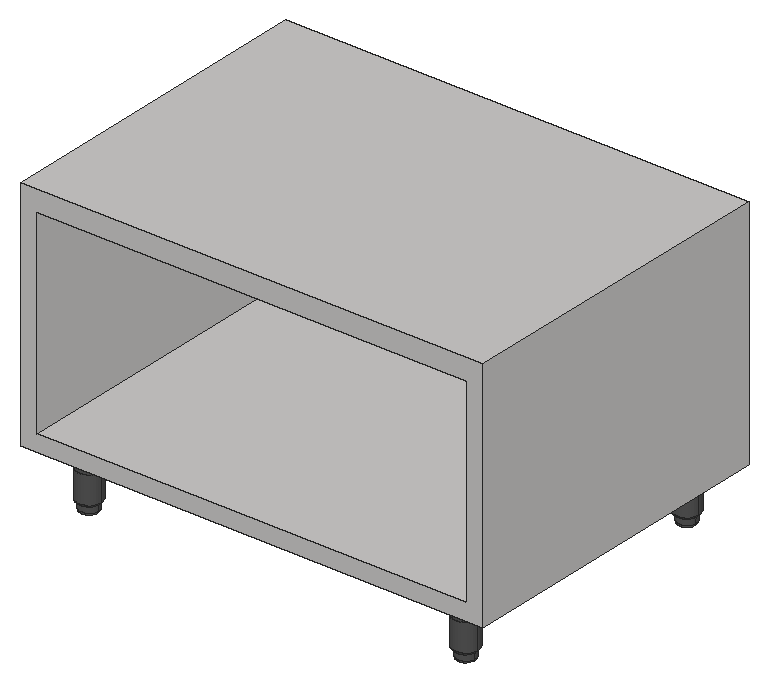
Revit family "QF_CAPIC_CELTIC_W383024", category Equipement spécialisé, Revit 2018
Family settings
  Cote de connecteur circulaire = Utiliser le diamètre
  Type d'élément = Normal
  Numéro OmniClass = 23.40.40.14
  Titre OmniClass = Food Service Equipment
  Basée sur le plan de construction = Non
  Toujours verticalement = Oui
  Couper avec des vides une fois chargée = Non
  Partagée = Non
  Point de calcul de pièce = Non
Parameters (values of type "L=1000mm")
  URL catalogue = "http://www.capic-fr.com/fr/"
  Type de Raccord Plomberie [instance] = ""
  Type de Raccord Electrique [instance] = ""
  Type de Gaz = ""
  Type article [instance] = ""
  Tension = 0 V
  Spécification du Fabricant = ""
  Show Logo = yes
  Remarques evacuation [instance] = ""
  Remarques Plomberie [instance] = ""
  Remarques Electricité [instance] = ""
  Puissance électrique  = 0 W
  Puissance Gaz kW = 0
  Profondeur hors tout = 716 mm
  Pression Maximum Eau Adoucie = 0.0 Pa
  Poids net à vide = 63.00 kg
  Phase = 0
  Modèle = "W383024"
  Longueur hors tout = 1000 mm
  Intensité nominale = 0 A
  Hauteur hors tout = 630 mm
  Hauteur de Raccordement du Sol Finis = 0 mm
  Hauteur de Raccordement Gaz du Sol Finis = 0 mm
  Hauteur de Raccordement Evacuation Directe du Sol Finis = 0 mm
  Hauteur de Raccordement Eau Froide du Sol Finis = 0 mm
  Hauteur de Raccordement Eau Chaude du Sol Finis = 0 mm
  Hauteur de Raccordement Eau Adoucie du Sol Finis = 0 mm
  Fréquence = 0 Hz
  Fabricant = "CAPIC"
  Débit d'air d'extraction = 0.0 m³/h
  Débit Gaz = 0.0 L/s
  Débit Eau Froide = 0.0 L/s
  Débit Eau Chaude = 0.0 L/s
  Débit Eau Adoucie = 0.0 L/s
  Diamètre de Raccordement Gaz = 0 mm
  Diamètre de Raccordement Evacuation = 0 mm
  Diamètre de Raccordement Eau Froide = 0 mm
  Diamètre de Raccordement Eau Chaude = 0 mm
  Diamètre de Raccordement Eau Adoucie = 0 mm
  Description = "Placard Ouvert"
  Assembly Code = ""
  Classification  Omniclass nombre et titre = "23.40.40.14"
Reference planes
  plane 1 "Centre (avant/arrière)": y = 0
  plane 2: z = 0
  plane 3 "Centre (gauche/droite)": x = 0
  plane 4 "Centre G/E": y = 0
  plane 5: y = -838
  plane 6: x = 1000
  plane 7: x = 998
  plane 8: x = 2
  plane 9: x = 965
  plane 10: x = 957
  plane 11: y = -820
  plane 12: z = 141
  plane 13: x = 43
  plane 14: x = 35
  plane 15: y = -182
  plane 16: z = 621
  plane 17: z = 120
  plane 18: y = -122
  plane 19 "Centre G/G": y = -89
Forms (mm)
  Extrusion 1, solid, material "QF_Stainless Steel-Brushed"
    sketch origin (1480, 0, 0) x (1, 0, 0) y (0, 0, 1)
      loop
        line (-1480, 630) -> (-1480, 120) -> (-480, 120) -> (-480, 630) -> (-1480, 630)
    from 838 to 122
  Extrusion 2, void
    sketch origin (1480, 0, 0) x (1, 0, 0) y (0, 0, 1)
      loop
        line (-1445, 155.456) -> (-515, 155.456) -> (-515, 585.456) -> (-1445, 585.456) -> (-1445, 155.456)
    from 838 to 182
  Extrusion 3, void
    sketch origin (1480, 0, 0) x (1, 0, 0) y (0, 1, 0)
      loop
        line (-1445, -131.5) -> (-1445, -820) -> (-515, -820) -> (-515, -131.5) -> (-1445, -131.5)
    from 120 to 141
Cuts and joins
  Extrusion 2, Extrusion 3 cuts Extrusion 1
Dimensions and locks
  locked: plane 9 to plane 6 at 35
  "Profondeur hors tout": plane 5 to plane 18
  locked: plane 7 to plane 6 at 2
  locked: plane 3 "Centre (gauche/droite)" to plane 8 at 2
  "Longueur hors tout": plane 3 "Centre (gauche/droite)" to plane 6
  locked: plane 3 "Centre (gauche/droite)" to plane 14 at 35
  locked: plane 11 to plane 5 at 18
  locked: plane 15 to plane 5 at 656
  plane 12 to plane 17 to plane 2 = 21 mm locked, 120 mm locked
  locked: plane 10 to plane 6 at 43
  aligned and locked: level to plane 2
  aligned and locked: Extrusion 1 to Extrusion 2
  aligned and locked: cut or joined group of Extrusion 1, Extrusion 2, Extrusion 3 to plane 5
  aligned and locked: nested 1 to plane 12
  aligned and locked: nested 2 to plane 12
  aligned and locked: nested 2 to plane 11
  aligned and locked: nested 2 to plane 13
  aligned and locked: nested 1 to plane 13
  aligned and locked: nested 3 to plane 10
  aligned and locked: nested 4 to plane 10
  aligned and locked: plane 11 to nested 4
  aligned and locked: Extrusion 3 to plane 11
  aligned and locked: plane 15 to cut or joined group of Extrusion 1, Extrusion 2, Extrusion 3
  aligned and locked: plane 18 to cut or joined group of Extrusion 1, Extrusion 2, Extrusion 3
Automatic sketch dimensions
  Extrusion 1 sketch curve to plane 3 "Centre (gauche/droite)" = 0 mm
  Extrusion 1 sketch curve to plane 6 = 0 mm
  level to Extrusion 1 sketch curve = 120 mm
  Extrusion 1 sketch curve to Extrusion 1 sketch curve = 510 mm
  Extrusion 2 sketch curve to plane 9 = 0 mm
  level to Extrusion 2 sketch curve = 155.456 mm
  Extrusion 2 sketch curve to Extrusion 2 sketch curve = 430 mm
  Extrusion 3 sketch curve to plane 9 = 0 mm
  plane 1 "Centre (avant/arrière)" to Extrusion 3 sketch curve = 131.5 mm
  Extrusion 2 sketch curve to plane 8 = 33 mm
  Extrusion 3 sketch curve to plane 8 = 33 mm
  Extrusion 3 sketch curve to plane 11 = 0 mm
Nested families
  nested 1: "QF_Details_Pied" at (93, -223, 0), type "QF_Details_Pied"
  nested 2: "QF_Details_Pied" at (93, -820, 0), type "QF_Details_Pied"
  nested 3: "QF_Details_Pied" at (907, -223, 0), type "QF_Details_Pied"
  nested 4: "QF_Details_Pied" at (907, -820, 0), type "QF_Details_Pied"
Definition of nested family "QF_Details_Pied"
  Reference planes
    plane 1 "Centre (avant/arrière)": y = 0
    plane 2: z = 0
    plane 3 "Centre (gauche/droite)": x = 0
  Forms (mm)
    Extrusion 1, solid
      sketch origin (-137.492, 51.5, -340.756) x (1, 0, 0) y (0, 0, 1)
        loop
          line (87.492, 481.756) -> (87.492, 472.756) -> (187.492, 472.756) -> (187.492, 481.756) -> (87.492, 481.756)
      from -40 to 40
    Revolve 2, solid
      sketch origin (0, 51.5, -9) x (1, 0, 0) y (0, 0, 1)
        loop
          line (0, 141) -> (0, 9) -> (19.21, 9) -> (19.21, 13) -> (20.21, 13) -> (20.21, 26) -> (21.71, 26) -> (26.66, 30.95) -> (26.66, 90.95) -> (31.468, 136.698) -> (36.246, 141) -> (0, 141)
        axis (0, 141) -> (0, 9)
      angle from 0 to 360
  Dimensions and locks
    aligned and locked: level to plane 2
    aligned and locked: Extrusion 1 to Revolve 2 sketch curve
